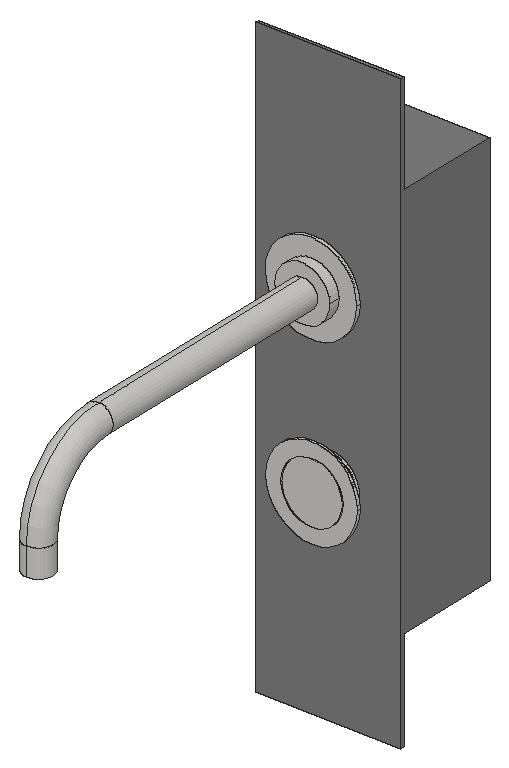
Revit family "4321", category Plumbing Fixtures, Revit 2021
Family settings
  Round Connector Dimension = Use Diameter
  Part Type = Normal
  Work Plane-Based = No
  Always vertical = Yes
  Cut with Voids When Loaded = No
  Shared = No
  Room Calculation Point = No
Parameters
  e-mail = "info@vola.com"
  URL = "http://vola.com"
  Telephone = "+45 7023 5500"
  Quality management standard = "ISO 9001"
  Organisation no. / DUNS no. = "17531328"
  Occupational health and safety management standard = "ISO 18001"
  Mounting Instructions = "http://vola.com/service/producturl.ashx?name=4321"
  Model = "4321"
  Mixer Offset [instance] = 12.00 mm
  Mixer = yes
  Materials and components information = "http://vola.com/service/producturl.ashx?name=4321"
  Manufacturer = "VOLA A/S"
  Maintenance Instructions = "http://vola.com/service/producturl.ashx?name=4321"
  Guarantee = "2 years"
  Flow = "5,00 l/min"
  Environmental management standard = "ISO 14000"
  Default Elevation = 0.00 mm
  Connection - All relevant connections = "To valve box 3/8\" and to mixer ½\""
  Approvals = "http://vola.com/service/producturl.ashx?name=4321"
Reference planes
  plane 1 "Center (Front/Back)": y = 0
  plane 2: z = 0
  plane 3 "Center (Left/Right)": x = 0
  plane 4 "Mixer plane": y = 12
  plane 5 "Wall Surface": y = 0
Forms (mm)
  Extrusion 1, solid, material "Stainless Steel", visible <- "Mixer"
    sketch origin (0, 10, 76.2) x (-1, 0, 0) y (0, 0, -1)
      loop
        circle (0, 13.2) r 13.2
    from 0 to 10
  Extrusion 2, solid, material "Stainless Steel", visible <- "Mixer"
    sketch origin (0, 10, -37.05) x (-1, 0, 0) y (0, 0, -1)
      loop
        circle (0, 19.95) r 19.95
    from 0 to 10
Dimensions and locks
  "Mixer Offset": plane 4 "Mixer plane" to plane 1 "Center (Front/Back)"
  aligned and locked: plane 2 to level
  aligned and locked: nested 1 to plane 4 "Mixer plane"
  aligned and locked: plane 4 "Mixer plane" to nested 1
  aligned and locked: plane 1 "Center (Front/Back)" to Extrusion 1
  aligned and locked: plane 1 "Center (Front/Back)" to Extrusion 2
Automatic sketch dimensions
  radius of Extrusion 1 sketch curve to nested 1 = 0.00 mm
  radius of Extrusion 2 sketch curve to nested 1 = 0.00 mm
Nested families
  nested 1: "4300" at (0, 84.5, 0), visible <- "Mixer", type "4300"
  nested 2: "020" at (0, -2, 63), type "020"
  nested 3: "RS82E" at (0, 0, -57), type "RS82E"
  nested 4: "001" at (0, 0, 63) x (1, 0, 0) z (0, -1, 0), type "001"
Connectors
  piping at (47.5, 57.5, 63), diameter 19
    settings: on nested 1, index 1, connector inside diameter 0.74803", connector length 0.00 mm, flow factor 0, pipe flow 0 GPM, pressure drop 0.00 psi, fitting loss kfactor 0, connector angle 0.00°, fixture units 0, engagement length 0.00 mm, angle of deflection 0.00°, flow configuration 0, flow direction 1, fitting loss method 0, system type 20, joint type 0, gender type 0, connector reference index -1, connector utility 0, adjustable connector no, is connector primary yes, connector description ""
Definition of nested family "4300"
  Parameters
    Default Elevation = 0.00 mm
  Reference planes
    plane 1 "Center (Front/Back)": y = 0
    plane 2: z = 0
    plane 3 "Center (Left/Right)": x = 0
    plane 4: x = 0
    plane 5: y = -27
  Forms (mm)
    Extrusion 1, solid
      sketch origin (69, -2, -2.5) x (0, 0, 1) y (0, 1, 0)
        loop
          line (-127.5, 2) -> (-127.5, -68) -> (132.5, -68) -> (132.5, 2) -> (-127.5, 2)
      from 21.5 to 116.5
    Extrusion 2, solid
      sketch origin (70, -2, -2.5) x (0, 0, 1) y (0, 1, 0)
        loop
          line (-193.5, -68) -> (-193.5, -70.5) -> (198.5, -70.5) -> (198.5, -68) -> (-193.5, -68)
      from 22.5 to 117.5
    Extrusion 3, solid
      sketch origin (69, -2, -96) x (0, 0, 1) y (-1, 0, 0)
        loop
          circle (39, 69) r 19.95
      from 70.5 to 72.5
    Extrusion 4, solid
      sketch origin (69, -2, 24) x (0, 0, 1) y (-1, 0, 0)
        loop
          circle (39, 69) r 13.2
      from 70.5 to 72.5
  Cuts and joins
    joined: Extrusion 1, Extrusion 2
  Lines and regions (mm)
    reference lines
      curve 1: line (0, -27, -57) -> (0, -122.5, -57)
      curve 2: line (0, -27, 63) -> (0, -124.5, 63)
      curve 3: line (0, -27, 63) -> (99, -27, 63)
      curve 4: line (0, -27, -57) -> (99, -27, -57)
      curve 5: line (0, -27, 63) -> (-99, -27, 63)
      curve 6: line (0, -27, -57) -> (-99, -27, -57)
  Dimensions and locks
    aligned and locked: plane 2 to level
    aligned and locked: Extrusion 1 to Extrusion 2
    aligned and locked: Extrusion 2 to Extrusion 1
Definition of nested family "020"
  Parameters
    e-mail = "info@vola.com"
    URL = "http://vola.com"
    Telephone = "+45 7023 5500"
    Quality management standard = "ISO 9001"
    Organisation no. / DUNS no. = "17531328"
    Occupational health and safety management standard = "ISO 18001"
    Mounting Instructions = "http://vola.com/service/producturl.ashx?name=020"
    Model = "020"
    Materials and components information = "http://vola.com/service/producturl.ashx?name=020"
    Manufacturer = "VOLA A/S"
    Maintenance Instructions = "http://vola.com/service/producturl.ashx?name=020"
    Guarantee = "2 years"
    Environmental management standard = "ISO 14000"
    Default Elevation = 0.00 mm
    Connection - All relevant connections = ""
    Approvals = "http://vola.com/service/producturl.ashx?name=020"
  Reference planes
    plane 1 "Center (Front/Back)": y = 0
    plane 2: z = 0
    plane 3 "Center (Left/Right)": x = 0
  Forms (mm)
    Extrusion 1, solid
      sketch origin (0, 0, 0) x (1, 0, 0) y (0, 0, 1)
        loop
          circle (0, 0) r 18
      from 0 to 7
    Sweep 2, solid
      path origin (0, 0, 0) x (0, 1, 0) y (0, 0, 1)
        loop
          line (-7, 0) -> (-174, 0)
          arc (-174, 0) -> (-208.648, -14.352) -> (-223, -49) r 49
      profile origin (0, -208.648, -14.352) x (0, 0.707107, -0.707107) y (1, 0, 0)
        loop
          circle (0, 0) r 9.5
    Extrusion 3, solid
      sketch origin (0, -223, -49) x (0, -1, 0) y (-1, 0, 0)
        loop
          circle (0, 0) r 9.5
      from 0 to 18
  Dimensions and locks
    Sweep 2 sketch curve to plane 1 "Center (Front/Back)" = 223.00 mm
    aligned and locked: plane 2 to level
Definition of nested family "RS82E"
  Parameters
    e-mail = "info@vola.com"
    URL = "http://vola.com"
    Telephone = "+45 7023 5500"
    Quality management standard = "ISO 9001"
    Organisation no. / DUNS no. = "17531328"
    Occupational health and safety management standard = "ISO 18001"
    Mounting Instructions = "http://vola.com/service/producturl.ashx?name=RS82E"
    Model = "RS82E"
    Materials and components information = "http://vola.com/service/producturl.ashx?name=RS82E"
    Manufacturer = "VOLA A/S"
    Maintenance Instructions = "http://vola.com/service/producturl.ashx?name=RS82E"
    Guarantee = "2 years"
    Environmental management standard = "ISO 14000"
    Default Elevation = 0.00 mm
    Connection - All relevant connections = ""
    Approvals = "http://vola.com/service/producturl.ashx?name=RS82E"
  Reference planes
    plane 1 "Center (Front/Back)": y = 0
    plane 2: z = 0
    plane 3 "Center (Left/Right)": x = 0
  Forms (mm)
    Extrusion 1, solid
      sketch origin (0, 0, 0) x (-1, 0, 0) y (0, 0, -1)
        loop
          circle (0, 0) r 30
        loop
          circle (0, 0) r 20
      from 0 to 1.5
    Extrusion 2, solid
      sketch origin (0, 0, 0) x (-1, 0, 0) y (0, 0, -1)
        loop
          circle (0, 0) r 20
      from 0 to 1.5
  Lines and regions (mm)
    model lines
      curve 1: circle (0, -1.5, 0) r 1.5 normal (0, 1, 0)
      curve 2: circle (0, -1.5, 5) r 1.5 normal (0, 1, 0)
      curve 3: circle (0, -1.5, -5) r 1.5 normal (0, 1, 0)
  Dimensions and locks
    aligned and locked: plane 2 to level
Definition of nested family "001"
  Parameters
    e-mail = "info@vola.com"
    URL = "http://vola.com"
    Telephone = "+45 7023 5500"
    Quality management standard = "ISO 9001"
    Organisation no. / DUNS no. = "17531328"
    Occupational health and safety management standard = "ISO 18001"
    Mounting Instructions = "http://vola.com/service/producturl.ashx?name=001"
    Model = "001"
    Materials and components information = "http://vola.com/service/producturl.ashx?name=001"
    Manufacturer = "VOLA A/S"
    Maintenance Instructions = "http://vola.com/service/producturl.ashx?name=001"
    Guarantee = "2 years"
    Environmental management standard = "ISO 14000"
    Default Elevation = 1219.20 mm
    Connection - All relevant connections = ""
    Approvals = "http://vola.com/service/producturl.ashx?name=001"
  Reference planes
    plane 1 "Center (Front/Back)": y = 0
    plane 2: z = 0
    plane 3 "Center (Left/Right)": x = 0
  Forms (mm)
    Extrusion 1, solid
      sketch origin (0, 0, 0) x (1, 0, 0) y (0, 1, 0)
        loop
          circle (0, 0) r 16.5
        loop
          circle (0, 0) r 30
      from 0 to 2
  Dimensions and locks
    aligned and locked: plane 2 to level
